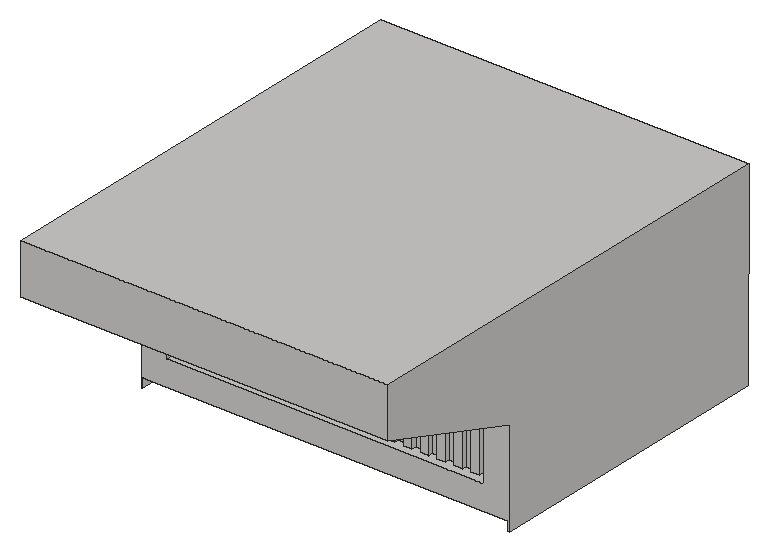
Revit family "QF_ZANUSSI_922718_HOODFA61011", category Specialty Equipment, Revit 2021
Family settings
  Round Connector Dimension = Use Diameter
  Part Type = Normal
  Work Plane-Based = No
  Always vertical = Yes
  Cut with Voids When Loaded = No
  Shared = No
  Room Calculation Point = No
Parameters
  Weight = 96.00 kg
  Watts = 0 W
  Volts = 220 V
  URL Manufacturer = "http://www.zanussiprofessional.com"
  URL = "http://www.zanussiprofessional.com"
  Steam Supply Size = 0 mm
  Steam Supply Minimum Pressure = 0.0 Pa
  Steam Supply Maximum Pressure = 0.0 Pa
  Steam Pounds per Hour = 0
  Show Logo [instance] = yes
  Show Clearance [instance] = yes
  Refrigeration Suction Line Size = 0 mm
  Refrigeration Liquid Line Size = 0 mm
  Refrigerant Compressor Remote = yes
  Manufacturer = "Zanussi"
  Phase = 1
  Model = "HOOT11E"
  Length Actual = 875 mm
  Item Number = "922718"
  Hot Water Size = 0 mm
  Height Actual = 472 mm
  HP = "1.1 HP"
  Gas Size = 0 mm
  Gas KW = 0
  Gas Input Pressure = 0 W
  Direct Waste Size = 0 mm
  Description = "ODOUR REDUCTION HOOD WITH FAN FOR 6&10 GN 1/1 ELECTRIC OVEN"
  Depth Actual = 1070 mm
  Default Elevation = 0 mm
  Cycle = 50 Hz
  Condensate Return Size = 0 mm
  Compressed Air Volume = 0.0 L/s
  Compressed Air Size = 0 mm
  Compressed Air Pressure = 0.0 Pa
  Cold Water Size = 0 mm
  Accessory = no
Reference planes
  plane 1 "Center X": y = 92.351
  plane 2: z = 0
  plane 3 "Center Y": x = -326.5
  plane 4 "LEFT": x = -760
  plane 5 "BACK": y = 479.851
  plane 6 "RIGHT": x = 107
  plane 7 "FRONT": y = -295.149
  plane 8 "TOP": z = 1728
  plane 9: y = -590.149
  plane 10: x = -764
  plane 11: x = 111
  plane 12: z = 2178
Forms (mm)
  Extrusion 1, solid, material "QF_Clearance", visible <- "Show Clearance", detail levels coarse
    sketch origin (0, 0, 0) x (1, 0, 0) y (0, 1, 0)
      loop
        line (-764, 479.851) -> (111, 479.851) -> (111, 629.851) -> (-764, 629.851) -> (-764, 479.851)
    from 1707 to 2178
  Extrusion 2, solid, material "QF_Clearance", visible <- "Show Clearance", detail levels coarse
    sketch origin (-1150.39, -1524, 2178) x (-1, 0, 0) y (0, -1, 0)
      loop
        line (-386.39, -933.851) -> (-1261.39, -933.851) -> (-1261.39, -2153.851) -> (-386.39, -2153.851) -> (-386.39, -933.851)
    from 450 to 0
  Extrusion 3, solid, material "QF_Finishes_Stainless Steel"
    sketch origin (-764, 902.856, 4000) x (0, 1, 0) y (0, 0, 1)
      loop
        line (-423.005, -2272) -> (-423.005, -1822) -> (-1493.005, -1822) -> (-1493.005, -1942.064) -> (-1133.005, -2066.021) -> (-1133.005, -2272) -> (-423.005, -2272)
    from 60 to 0
  Extrusion 4, solid, material "QF_Finishes_Stainless Steel"
    sketch origin (111, 902.856, 4000) x (0, 1, 0) y (0, 0, 1)
      loop
        line (-423.005, -2272) -> (-423.005, -1822) -> (-1493.005, -1822) -> (-1493.005, -1942.064) -> (-1133.005, -2066.021) -> (-1133.005, -2272) -> (-423.005, -2272)
    from -60 to 0
  Extrusion 5, solid, material "QF_Finishes_Stainless Steel"
    sketch origin (-326.5, 0, 0) x (0, 1, 0) y (0, 0, 1)
      loop
        line (479.851, 1728) -> (479.851, 2178) -> (-590.149, 2178) -> (-590.149, 2057.936) -> (-210.149, 2057.936) -> (-210.149, 1788) -> (-230.149, 1788) -> (-230.149, 1728) -> (479.851, 1728)
    from -377.5 to 377.5
  Extrusion 6, solid, material "QF_Finishes_Stainless Steel"
    sketch origin (0, -295.149, 0) x (-1, 0, 0) y (0, 0, 1)
      loop
        line (764, 1728) -> (760, 1728) -> (760, 1707) -> (764, 1707) -> (764, 1728)
      loop
        line (-107, 1728) -> (-111, 1728) -> (-111, 1707) -> (-107, 1707) -> (-107, 1728)
    from 65 to 775
  Extrusion 7, solid, material "QF_Finishes_Stainless Steel"
    sketch origin (0, 479.851, 0) x (-1, 0, 0) y (0, 0, 1)
      loop
        circle (-86, 2113) r 8
      loop
        circle (326.5, 1746) r 7
    from 0 to 20
  Extrusion 8, void
    sketch origin (0, 0, 0) x (1, 0, 0) y (0, 1, 0)
      loop
        line (-696.5, -200.149) -> (-696.5, -210.149) -> (-676.5, -210.149) -> (-676.5, -200.149) -> (-696.5, -200.149)
      loop
        line (-656.5, -200.149) -> (-656.5, -210.149) -> (-636.5, -210.149) -> (-636.5, -200.149) -> (-656.5, -200.149)
      loop
        line (-616.5, -200.149) -> (-616.5, -210.149) -> (-596.5, -210.149) -> (-596.5, -200.149) -> (-616.5, -200.149)
      loop
        line (-576.5, -200.149) -> (-576.5, -210.149) -> (-556.5, -210.149) -> (-556.5, -200.149) -> (-576.5, -200.149)
      loop
        line (-536.5, -200.149) -> (-536.5, -210.149) -> (-516.5, -210.149) -> (-516.5, -200.149) -> (-536.5, -200.149)
      loop
        line (-496.5, -200.149) -> (-496.5, -210.149) -> (-476.5, -210.149) -> (-476.5, -200.149) -> (-496.5, -200.149)
      loop
        line (-456.5, -200.149) -> (-456.5, -210.149) -> (-436.5, -210.149) -> (-436.5, -200.149) -> (-456.5, -200.149)
      loop
        line (-416.5, -200.149) -> (-416.5, -210.149) -> (-396.5, -210.149) -> (-396.5, -200.149) -> (-416.5, -200.149)
      loop
        line (-376.5, -200.149) -> (-376.5, -210.149) -> (-356.5, -210.149) -> (-356.5, -200.149) -> (-376.5, -200.149)
      loop
        line (-336.5, -200.149) -> (-336.5, -210.149) -> (-316.5, -210.149) -> (-316.5, -200.149) -> (-336.5, -200.149)
      loop
        line (-296.5, -200.149) -> (-296.5, -210.149) -> (-276.5, -210.149) -> (-276.5, -200.149) -> (-296.5, -200.149)
      loop
        line (-256.5, -200.149) -> (-256.5, -210.149) -> (-236.5, -210.149) -> (-236.5, -200.149) -> (-256.5, -200.149)
      loop
        line (-216.5, -200.149) -> (-216.5, -210.149) -> (-196.5, -210.149) -> (-196.5, -200.149) -> (-216.5, -200.149)
      loop
        line (-176.5, -200.149) -> (-176.5, -210.149) -> (-156.5, -210.149) -> (-156.5, -200.149) -> (-176.5, -200.149)
      loop
        line (-136.5, -200.149) -> (-136.5, -210.149) -> (-116.5, -210.149) -> (-116.5, -200.149) -> (-136.5, -200.149)
      loop
        line (-96.5, -200.149) -> (-96.5, -210.149) -> (-76.5, -210.149) -> (-76.5, -200.149) -> (-96.5, -200.149)
      loop
        line (-56.5, -200.149) -> (-56.5, -210.149) -> (-36.5, -210.149) -> (-36.5, -200.149) -> (-56.5, -200.149)
      loop
        line (-16.5, -200.149) -> (-16.5, -210.149) -> (3.5, -210.149) -> (3.5, -200.149) -> (-16.5, -200.149)
      loop
        line (23.5, -200.149) -> (23.5, -210.149) -> (43.5, -210.149) -> (43.5, -200.149) -> (23.5, -200.149)
    from 1788 to 2057.936
Cuts and joins
  joined: Extrusion 1, Extrusion 2
  Extrusion 8 cuts Extrusion 3
  Extrusion 8 cuts Extrusion 4
  Extrusion 8 cuts Extrusion 5
  Extrusion 8 cuts Extrusion 6
  Extrusion 8 cuts Extrusion 7
  joined: Extrusion 3, Extrusion 4, Extrusion 5, Extrusion 6, Extrusion 7
Lines and regions (mm)
  symbolic lines, style "QF_Clearances", visible <- "Show Clearance"
    curve 1: line (111, 629.851, 0) -> (-764, 629.851, 0)
  symbolic lines, style "Linee tratto punto"
    curve 2: line (-764, 479.851, 0) -> (111, 479.851, 0)
    curve 3: line (-764, -590.149, 0) -> (-764, 479.851, 0)
    curve 4: line (111, -590.149, 0) -> (-764, -590.149, 0)
    curve 5: line (111, 479.851, 0) -> (111, -590.149, 0)
    curve 16: line (-764, -590.149, 0) -> (111, 479.851, 0)
    curve 17: line (-764, 479.851, 0) -> (111, -590.149, 0)
  symbolic lines
    curve 6: line (-333.5, 499.851, 0) -> (-319.5, 499.851, 0)
    curve 7: line (-319.5, 499.851, 0) -> (-319.5, 479.851, 0)
    curve 8: line (-333.5, 499.851, 0) -> (-333.5, 479.851, 0)
    curve 9: line (94, 499.851, 0) -> (94, 479.851, 0)
    curve 10: line (94, 499.851, 0) -> (78, 499.851, 0)
    curve 11: line (78, 499.851, 0) -> (78, 479.851, 0)
  symbolic lines, style "SpecialityEquipmentHiddenLines"
    curve 12: line (-334, 338.851, 0) -> (-34, 338.851, 0)
    curve 13: line (-334, 38.851, 0) -> (-334, 338.851, 0)
    curve 14: line (-34, 38.851, 0) -> (-334, 38.851, 0)
    curve 15: line (-34, 338.851, 0) -> (-34, 38.851, 0)
Dimensions and locks
  equal spacing: plane 4 "LEFT", plane 3 "Center Y", plane 6 "RIGHT"
  plane 10 to plane 11 = 875 mm
  plane 5 "BACK" to plane 9 = 1070 mm
  equal spacing: plane 5 "BACK", plane 1 "Center X", plane 7 "FRONT"
  locked: plane 10 to plane 4 "LEFT" at 4
  locked: plane 6 "RIGHT" to plane 11 at 4
  cut or joined group of Extrusion 3, Extrusion 4, Extrusion 5, Extrusion 6, Extrusion 7, Extrusion 8 to Extrusion 7 sketch curve = 39 mm
  Extrusion 7 sketch curve to plane 12 = 65 mm
  plane 11 to Extrusion 7 sketch curve = 25 mm
  aligned and locked: level to plane 2
Automatic sketch dimensions
  Extrusion 1 sketch curve to plane 10 = 0 mm
  Extrusion 1 sketch curve to plane 11 = 0 mm
  Extrusion 1 sketch curve to plane 5 "BACK" = 0 mm
  plane 5 "BACK" to Extrusion 1 sketch curve = 150 mm
  Extrusion 2 sketch curve to plane 9 = 0 mm
  Extrusion 2 sketch curve to plane 11 = 0 mm
  Extrusion 2 sketch curve to plane 10 = 0 mm
  plane 5 "BACK" to Extrusion 2 sketch curve = 150 mm
  Extrusion 5 sketch curve to plane 9 = 0 mm
  Extrusion 5 sketch curve to plane 8 "TOP" = 0 mm
  Extrusion 5 sketch curve to plane 5 "BACK" = 0 mm
  Extrusion 5 sketch curve to plane 12 = 0 mm
  plane 7 "FRONT" to Extrusion 5 sketch curve = 65 mm
  plane 7 "FRONT" to Extrusion 5 sketch curve = 85 mm
  plane 8 "TOP" to Extrusion 5 sketch curve = 60 mm
  Extrusion 5 sketch curve to plane 12 = 120.064 mm
  Extrusion 6 sketch curve to plane 8 "TOP" = 0 mm  (x2)
  Extrusion 6 sketch curve to plane 11 = 0 mm
  Extrusion 6 sketch curve to plane 6 "RIGHT" = 0 mm
  Extrusion 6 sketch curve to plane 4 "LEFT" = 0 mm
  Extrusion 6 sketch curve to plane 10 = 0 mm
  Extrusion 6 sketch curve to plane 8 "TOP" = 21 mm
  Extrusion 6 sketch curve to Extrusion 6 sketch curve = 21 mm
  Extrusion 7 sketch curve to plane 3 "Center Y" = 0 mm
  curve 1 to plane 10 = 0 mm
  curve 4 to plane 10 = 0 mm
  curve 1 to plane 11 = 0 mm
  curve 16 to plane 5 "BACK" = 0 mm
  curve 16 to plane 11 = 0 mm
  curve 5 to plane 9 = 0 mm
  curve 8 to plane 3 "Center Y" = 7 mm
  plane 3 "Center Y" to curve 6 = 7 mm
  curve 12 to plane 3 "Center Y" = 7.5 mm
  curve 15 to plane 6 "RIGHT" = 141 mm
  curve 11 to plane 6 "RIGHT" = 29 mm
  curve 9 to plane 6 "RIGHT" = 13 mm
  plane 1 "Center X" to curve 14 = 53.5 mm
  curve 12 to plane 5 "BACK" = 141 mm
  curve 9 to curve 10 = 20 mm
  plane 5 "BACK" to curve 8 = 20 mm
  curve 9 to curve 1 = 130 mm
  Extrusion 4 sketch curve to plane 9 = 0 mm
  Extrusion 4 sketch curve to plane 8 "TOP" = 0 mm
  Extrusion 4 sketch curve to plane 5 "BACK" = 0 mm
  Extrusion 4 sketch curve to plane 12 = 0 mm
  plane 7 "FRONT" to Extrusion 4 sketch curve = 65 mm
  plane 8 "TOP" to Extrusion 4 sketch curve = 205.979 mm
  Extrusion 4 sketch curve to Extrusion 4 sketch curve = 120.064 mm
  Extrusion 3 sketch curve to plane 9 = 0 mm
  Extrusion 3 sketch curve to plane 8 "TOP" = 0 mm
  Extrusion 3 sketch curve to plane 5 "BACK" = 0 mm
  Extrusion 3 sketch curve to plane 12 = 0 mm
  plane 7 "FRONT" to Extrusion 3 sketch curve = 65 mm
  plane 8 "TOP" to Extrusion 3 sketch curve = 205.979 mm
  Extrusion 3 sketch curve to Extrusion 3 sketch curve = 120.064 mm
  plane 4 "LEFT" to Extrusion 8 sketch curve = 63.5 mm
  Extrusion 8 sketch curve to Extrusion 8 sketch curve = 20 mm  (x35)
  Extrusion 8 sketch curve to plane 3 "Center Y" = 30 mm
  Extrusion 8 sketch curve to plane 3 "Center Y" = 10 mm
  plane 7 "FRONT" to Extrusion 8 sketch curve = 85 mm  (x2)
  Extrusion 8 sketch curve to Extrusion 8 sketch curve = 0 mm  (x17)
  Extrusion 8 sketch curve to Extrusion 8 sketch curve = 10 mm  (x19)
  radius of Extrusion 7 sketch curve = 8 mm
  radius of Extrusion 7 sketch curve = 7 mm
Connectors
  electrical at (86, 499.851, 2113)
    settings: on cut or joined group of Extrusion 3, Extrusion 4, Extrusion 5, Extrusion 6, Extrusion 7, Extrusion 8, index 1, voltage 0 V, apparent load 0 VA, apparent load phase1 0 VA, apparent load phase2 0 VA, apparent load phase3 0 VA, power factor 1, load classification "Altro", number of poles 1, system type 30, power factor state 1, is connector primary yes, connector utility no, sub classification motor no, connector description "Electrical Connection"
  piping at (-326.5, 499.851, 1746), diameter 14
    settings: on cut or joined group of Extrusion 3, Extrusion 4, Extrusion 5, Extrusion 6, Extrusion 7, Extrusion 8, index 2, connector inside diameter 609.6 mm, connector length 0 mm, flow factor 0, pipe flow 0.0 L/s, pressure drop 0.0 Pa, fitting loss kfactor 0, connector angle 0.00°, fixture units 0, engagement length 0 mm, angle of deflection 0.00°, flow configuration 1, flow direction 2, fitting loss method 0, system type 16, joint type 0, gender type 0, connector reference index -1, connector utility 0, adjustable connector no, is connector primary yes, connector description "Drain"
